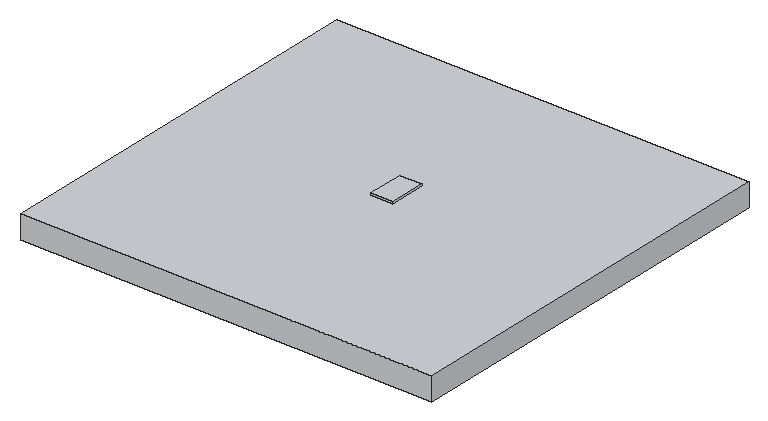
Revit family "M_Interruptor de emergência", category Dispositivos de iluminação, Revit 2019
Family settings
  Hospedeiro = Face
  Manter orientação da anotação = Sim
  Cota do conector redondo = Utilizar diâmetro
  Tipo de parte = Interruptor
  Número OmniClass = 23.80.50.11.14
  Título OmniClass = Switches
  ID de item do Seek = Emergency Switch-0000-CAN-ENU
  Corte com vazios quando carregada = Não
  Compartilhado = Não
  Ponto de cálculo do ambiente = Não
Parameters (values of type "Padrão")
  Voltagem do interruptor = 120 V
  Número de pólos do interruptor = 1
  Classificação de carga = Outros
  Legenda = "E"
  Elevação-padrão = 1200 mm
  Assembly Code = ""
  Carga aparente = 0 VA
Reference planes
  plane 1 "Centro (Frente/Trás)": y = 0
  plane 2: z = 0
  plane 3 "Centro (Esquerda/Direita)": x = 0
  plane 4: x = -34.925
  plane 5: x = 34.925
  plane 6: x = -19.05
  plane 7: x = 19.05
  plane 8: y = 57.15
  plane 9: y = -57.15
  plane 10: y = 38.1
  plane 11: y = -38.1
  plane 12 "nível acima": z = 4.762
  plane 13 "nível abaixo": z = -53.975
Forms (mm)
  Extrusion 1, solid
    sketch origin (0, 0, 0) x (1, 0, 0) y (0, 1, 0)
      loop
        line (-644.525, 571.5) -> (-644.525, -666.75) -> (644.525, -666.75) -> (644.525, 571.5) -> (-644.525, 571.5)
    from 0 to -72.672
  Extrusion 2, solid
    sketch origin (0, 0, 0) x (1, 0, 0) y (0, 1, 0)
      loop
        line (-34.925, 57.15) -> (-34.925, -57.15) -> (34.925, -57.15) -> (34.925, 57.15) -> (-34.925, 57.15)
    from 0 to 4.762
  Extrusion 3, solid
    sketch origin (0, 0, 0) x (1, 0, 0) y (0, 1, 0)
      loop
        line (-19.05, 38.1) -> (-19.05, -38.1) -> (19.05, -38.1) -> (19.05, 38.1) -> (-19.05, 38.1)
    from 0 to -53.975
Lines and regions (mm)
  symbolic lines, detail levels fine
    curve 1: line (-34.925, 0, 4.762) -> (34.925, 0, 4.762)
    curve 2: line (-34.925, 0, 0) -> (-34.925, 0, 4.762)
    curve 3: line (34.925, 0, 0) -> (-34.925, 0, 0)
    curve 4: line (34.925, 0, 4.762) -> (34.925, 0, 0)
    curve 5: line (-19.05, 0, -53.975) -> (19.05, 0, -53.975)
    curve 6: line (-19.05, 0, 0) -> (-19.05, 0, -53.975)
    curve 7: line (19.05, 0, -53.975) -> (19.05, 0, 0)
Dimensions and locks
  equal spacing: plane 6, plane 3 "Centro (Esquerda/Direita)", plane 7, locked at 19.05 each
  locked: plane 6 to plane 7 at 38.1
  equal spacing: plane 4, plane 3 "Centro (Esquerda/Direita)", plane 5, locked at 34.925 each
  locked: plane 4 to plane 5 at 69.85
  locked: plane 8 to plane 9 at 114.3
  locked: plane 12 "nível acima" to level at 4.763
  locked: level to plane 13 "nível abaixo" at 53.975
  locked: plane 10 to plane 11 at 76.2
  equal spacing: plane 10, plane 1 "Centro (Frente/Trás)", plane 11, locked at 38.1 each
  equal spacing: plane 8, plane 1 "Centro (Frente/Trás)", plane 9, locked at 57.15 each
  aligned and locked: plane 2 to Extrusion 1
  aligned and locked: level to Extrusion 1
  aligned and locked: plane 8 to Extrusion 2
  aligned and locked: Extrusion 2 to plane 9
  aligned and locked: plane 5 to Extrusion 2
  aligned and locked: Extrusion 2 to plane 4
  aligned and locked: Extrusion 2 to level
  aligned and locked: plane 12 "nível acima" to Extrusion 2
  aligned and locked: plane 10 to Extrusion 3
  aligned and locked: Extrusion 3 to plane 6
  aligned and locked: plane 7 to Extrusion 3
  aligned and locked: Extrusion 3 to plane 11
  aligned and locked: Extrusion 3 to level
  aligned and locked: Extrusion 3 to plane 13 "nível abaixo"
  aligned and locked: curve 1 to plane 12 "nível acima"
  aligned and locked: plane 2 to curve 3
  aligned and locked: curve 5 to plane 13 "nível abaixo"
  aligned and locked: plane 1 "Centro (Frente/Trás)" to nested 1
  aligned and locked: plane 3 "Centro (Esquerda/Direita)" to nested 1
Automatic sketch dimensions
  Extrusion 2 sketch curve to plane 4 = 0 mm
  Extrusion 2 sketch curve to plane 5 = 0 mm
  Extrusion 2 sketch curve to plane 9 = 0 mm
  Extrusion 2 sketch curve to plane 8 = 0 mm
  Extrusion 3 sketch curve to plane 6 = 0 mm
  Extrusion 3 sketch curve to plane 7 = 0 mm
  Extrusion 3 sketch curve to plane 11 = 0 mm
  Extrusion 3 sketch curve to plane 10 = 0 mm
  Extrusion 1 sketch curve to Extrusion 1 sketch curve = 1289.05 mm
  Extrusion 1 sketch curve to Extrusion 1 sketch curve = 1238.25 mm
  curve 2 to plane 4 = 0 mm
  curve 3 to plane 5 = 0 mm
  plane 4 to curve 7 = 53.975 mm
  curve 5 to curve 5 = 38.1 mm
Nested families
  nested 1: "M_Anotação do interruptor 2" at (0, 0, 0), type "Anotação de interruptor 2", detail levels coarse+medium
Connectors
  electrical at (0, 38.1, -26.988), driven by "Voltagem do interruptor", driven by "Carga aparente", driven by "Número de pólos do interruptor", driven by "Classificação de carga"
    settings: on Extrusion 3, index 1, voltage 120 V, apparent load 0 VA, apparent load phase1 0 VA, apparent load phase2 0 VA, apparent load phase3 0 VA, power factor 1, load classification "Outros", number of poles 1, system type 31, power factor state 1, is connector primary yes, connector utility no, sub classification motor no, connector description ""
Definition of nested family "M_Anotação do interruptor 2"
  Parameters
    Legenda = "E"
  Reference planes
    plane 1: y = 0
    plane 2: x = 0
  Lines and regions (mm)
    reference lines
      curve 1: line (0, 1.587, 0) -> (-3.044, 1.588, 0)
      curve 4: line (2.564, -1.199, 0) -> (2.564, 2.384, 0)
      curve 5: line (2.564, -1.199, 0) -> (7.201, -1.199, 0)
      curve 6: line (2.564, 1.163, 0) -> (7.878, 1.163, 0)
    detail lines
      curve 2: arc (0.383, 2.833, 0) -> (-0.62, 2.459, 0) -> (0, 1.587, 0) r 0.674
      curve 3: arc (0, 1.587, 0) -> (0.392, 0.545, 0) -> (-0.718, 0.631, 0) r 0.66
  Text (mm)
    label "M" at (0.597, -0.127, 0), shows "Legenda"
  Dimensions and locks
    locked: curve 5 to curve 6 at 2.362
    locked: plane 1 to curve 1 at 1.588
    aligned and locked: curve 2 to curve 1
    aligned and locked: curve 3 to curve 1
